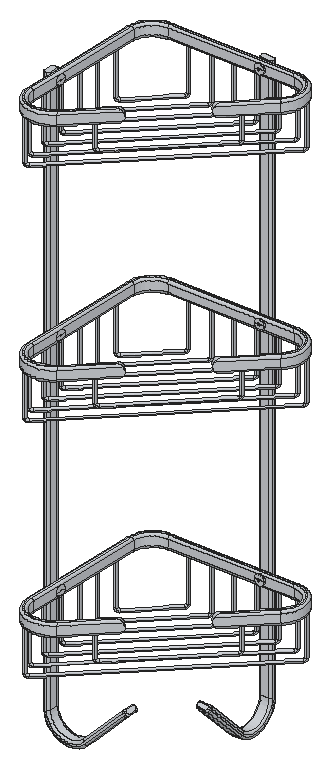
Revit family "Reece_Accessory_Posh_Solus_Shower Basket System_Corner", category Plumbing Fixtures, Revit 2018
Family settings
  Round Connector Dimension = Use Diameter
  Part Type = Normal
  Work Plane-Based = Yes
  Always vertical = Yes
  Cut with Voids When Loaded = Yes
  Shared = Yes
  Room Calculation Point = Yes
Parameters (values of type "Chrome")
  URL = "https://www.reece.com.au/product/-2260174"
  Type Comments = "Accessory"
  Reece_Product_Web Page = "https://www.reece.com.au/product/-2260174"
  Reece_Product_Type = "Accessory"  # constant formula
  Reece_Product_Sub Brand = "Solus"  # constant formula
  Reece_Product_Number = "2260174"
  Reece_Product_Mount = "Wall Mounted"
  Reece_Product_Description = "Posh Solus Corner Basket System Chrome"
  Reece_Product_Brand = "Posh"  # constant formula
  Reece_Overall_Width = 177 mm  # constant formula
  Reece_Overall_Length = 177 mm  # constant formula
  Reece_Overall_Height = 600 mm  # constant formula
  Reece_Material_Main = Reece_Brass_Chrome
  Reece_Height_From_Level [instance] = 1000 mm
  Reece_Detail_Installation = "Wall Mounted"  # constant formula
  Reece_Detail_Disclaimer = "THIS FILE IS THE PROPERTY OF THE REECE GROUP. IT MAY NOT BE REPRODUCED, REVERSE-ENGINEERED OR MODIFIED. ANY REPUBLICATION, TRANSMISSION OR DISTRIBUTION FOR THE PURPOSE OF COMMERCIALLY EXPLOITING THE FILES IS PROHIBITED."  # constant formula
  Reece_Detail_Additional = "Shower Basket System"  # constant formula
  Model = "Solus"
  Manufacturer = "Posh"
  Keynote = "Product #2260174, Reece_Accessory_Posh_Solus_Shower Basket System_Corner - Chrome"
  Disclaimer = "THIS FILE IS THE PROPERTY OF THE REECE GROUP. IT MAY NOT BE REPRODUCED, REVERSE-ENGINEERED OR MODIFIED. ANY REPUBLICATION, TRANSMISSION OR DISTRIBUTION FOR THE PURPOSE OF COMMERCIALLY EXPLOITING THE FILES IS PROHIBITED."  # constant formula
  Description = "Posh Solus Corner Basket System Chrome"
  Default Elevation = 0 mm
Types (2, lengths in mm): name | Keynote
  (no name) | "Product #2260174, Reece_Accessory_Posh_Solus_Shower Basket System_Corner -  "
  Chrome | "Product #2260174, Reece_Accessory_Posh_Solus_Shower Basket System_Corner - Chrome"
Reference planes
  plane 1 "Center (Front/Back)": y = 0
  plane 2 "Bottom Host Plane": z = -5
  plane 3 "Center (Left/Right)": x = 0
  plane 4 "Height From Floor": z = 1000
  plane 5: z = 1006.352
  plane 6: z = 406.352
  plane 7: x = 177
  plane 8: y = -177
  plane 9: z = 776.352
  plane 10: z = 546.352
Lines and regions (mm)
  model lines, style "InvisibleLines"
    curve 1: line (0, 0, -5) -> (0, 0, 1000)
Text (mm)
  text "Reece ©" at (2668.853, -2395.367, 2952.593), in view "Reece Preview"
  text "Reece Copyright © 2018, Reece Ltd." at (-247.475, -190.626, 0), in view "Ref. Level"
Dimensions and locks
  plane 2 "Bottom Host Plane" to level = 5 mm
  locked: level to plane 2 "Bottom Host Plane" at 5
  "Reece_Height_From_Level": plane 4 "Height From Floor" to level
  "Reece_Overall_Width": plane 8 to plane 1 "Center (Front/Back)"
  "Reece_Overall_Height": plane 5 to plane 6
  locked: plane 5 to plane 4 "Height From Floor" at 6.352
  "Reece_Overall_Length": plane 3 "Center (Left/Right)" to plane 7
  plane 5 to plane 9 to plane 10 = 230 mm, 230 mm
  aligned and locked: plane 2 "Bottom Host Plane" to curve 1
  aligned and locked: plane 4 "Height From Floor" to curve 1
  aligned and locked: plane 5 to nested 1
Automatic sketch dimensions
  curve 1 to plane 3 "Center (Left/Right)" = 0 mm
Nested families
  nested 1: "Reece_Accessory_Posh_Solus_Shower Basket System_Corner_Nested" at (88.5, 0, 406.352), Reece_Material_Main <- "Reece_Material_Main", type "Chrome"
    with Reece_Material_Main Reece_Brass_Chrome
Definition of nested family "Reece_Accessory_Posh_Solus_Shower Basket System_Corner_Nested"
  Parameters (values of type "Chrome")
    Reece_Overall_Width = 177 mm  # constant formula
    Reece_Overall_Length = 177 mm  # constant formula
    Reece_Overall_Height = 600 mm  # constant formula
    Reece_Material_Main [instance] = none
    Default Elevation = 0 mm
  Reference planes
    plane 1 "Center (Front/Back)": y = 0
    plane 2 "Bottom Host Plane": z = 0
    plane 3 "Center (Left/Right)": x = 0
    plane 4 "Height From Floor": z = 593.648
    plane 5: z = 600
    plane 6: z = 540
    plane 7: x = 88.5
    plane 8: x = -88.5
    plane 9: through (-42.151, -167.851, 1200) normal (-0.7071, 0.7071, 0)
    plane 10: y = -177
    plane 11: through (-88.5, 0, 1200) normal (0.7071, 0.7071, 0)
    plane 12: y = -117.893
    plane 13: z = 0
  Forms (mm)
    Sweep 1, solid, material <- "Reece_Material_Main"
      path origin (-68.186, -31.274, 593.648) x (-0.707107, -0.707107, 0) y (0.707107, -0.707107, 0)
        loop
          line (-41.32, 114.984) -> (-96.443, 114.984)
          arc (-96.443, 114.984) -> (-120.463, 98.934) -> (-114.827, 70.599) r 26
          line (-114.827, 70.599) -> (-25.781, -18.447)
          arc (-25.781, -18.447) -> (-7.75, -25.916) -> (10.281, -18.447) r 25.5
          line (10.281, -18.447) -> (99.328, 70.599)
          arc (99.328, 70.599) -> (104.964, 98.934) -> (80.943, 114.984) r 26
          line (80.943, 114.984) -> (25.82, 114.984)
      profile origin (61.827, -63.874, 593.648) x (-0.707107, 0.707107, 0) y (0, 0, 1)
        loop
          line (2, -6.148) -> (4, -6.148)
          arc (4, -6.148) -> (5.414, -5.563) -> (6, -4.148) r 2
          line (6, -4.148) -> (6, 4.352)
          arc (6, 4.352) -> (5.414, 5.766) -> (4, 6.352) r 2
          line (4, 6.352) -> (2, 6.352)
          arc (2, 6.352) -> (0.586, 5.766) -> (0, 4.352) r 2
          line (0, 4.352) -> (0, -4.148)
          arc (0, -4.148) -> (0.586, -5.563) -> (2, -6.148) r 2
    Sweep 2, solid, material <- "Reece_Material_Main"
      path origin (-53.263, -57.62, -402.927) x (-0.707107, -0.707107, 0) y (0, 0, 1)
        loop
          line (-76.677, 1000) -> (-76.677, 947.419)
          arc (-76.677, 947.419) -> (-75.808, 945.321) -> (-73.71, 944.452) r 2.967
          line (-73.71, 944.452) -> (42.055, 944.452)
          arc (42.055, 944.452) -> (44.154, 945.321) -> (45.023, 947.419) r 2.967
          line (45.023, 947.419) -> (45.023, 1000)
      profile origin (0.956, -3.401, 570.782) x (-0.707107, 0.707107, 0) y (-0.707107, -0.707107, 0)
        loop
          circle (1.5, 0) r 1.5
    Sweep 3, solid, material <- "Reece_Material_Main"
      path origin (-30.436, -57.465, -402.927) x (-0.707107, -0.707107, 0) y (0, 0, 1)
        loop
          line (-76.677, 1000) -> (-76.677, 947.419)
          arc (-76.677, 947.419) -> (-75.808, 945.321) -> (-73.71, 944.452) r 2.967
          line (-73.71, 944.452) -> (74.555, 944.452)
          arc (74.555, 944.452) -> (76.654, 945.321) -> (77.523, 947.419) r 2.967
          line (77.523, 947.419) -> (77.523, 1000)
      profile origin (23.782, -3.247, 570.782) x (-0.707107, 0.707107, 0) y (-0.707107, -0.707107, 0)
        loop
          circle (1.5, 0) r 1.5
    Sweep 4, solid, material <- "Reece_Material_Main"
      path origin (-8.005, -57.705, -402.927) x (-0.707107, -0.707107, 0) y (0, 0, 1)
        loop
          line (-76.677, 1000) -> (-76.677, 947.419)
          arc (-76.677, 947.419) -> (-75.808, 945.321) -> (-73.71, 944.452) r 2.967
          line (-73.71, 944.452) -> (105.939, 944.452)
          arc (105.939, 944.452) -> (108.038, 945.321) -> (108.907, 947.419) r 2.967
          line (108.907, 947.419) -> (108.907, 1000)
      profile origin (46.214, -3.486, 570.782) x (-0.707107, 0.707107, 0) y (-0.707107, -0.707107, 0)
        loop
          circle (1.5, 0) r 1.5
    Sweep 5, solid, material <- "Reece_Material_Main"
      path origin (13.11, -59.262, -402.927) x (-0.707107, -0.707107, 0) y (0, 0, 1)
        loop
          line (-76.177, 1000) -> (-76.177, 947.419)
          arc (-76.177, 947.419) -> (-75.308, 945.321) -> (-73.21, 944.452) r 2.967
          line (-73.21, 944.452) -> (133.098, 944.452)
          arc (133.098, 944.452) -> (135.196, 945.321) -> (136.066, 947.419) r 2.967
          line (136.066, 947.419) -> (136.066, 1000)
      profile origin (66.975, -5.397, 570.782) x (-0.707107, 0.707107, 0) y (-0.707107, -0.707107, 0)
        loop
          circle (1.5, 0) r 1.5
    Sweep 6, solid, material <- "Reece_Material_Main"
      path origin (2.245, -92.799, -402.927) x (-0.707107, -0.707107, 0) y (0, 0, 1)
        loop
          line (-112.677, 1000) -> (-112.677, 947.419)
          arc (-112.677, 947.419) -> (-111.808, 945.321) -> (-109.71, 944.452) r 2.967
          line (-109.71, 944.452) -> (106.805, 944.452)
          arc (106.805, 944.452) -> (108.904, 945.321) -> (109.773, 947.419) r 2.967
          line (109.773, 947.419) -> (109.773, 1000)
      profile origin (81.92, -13.124, 570.782) x (-0.707107, 0.707107, 0) y (-0.707107, -0.707107, 0)
        loop
          circle (1.5, 0) r 1.5
    Sweep 7, solid, material <- "Reece_Material_Main"
      path origin (-75.265, -57.068, -402.927) x (-0.707107, -0.707107, 0) y (0, 0, 1)
        loop
          line (-76.177, 1000) -> (-76.177, 947.419)
          arc (-76.177, 947.419) -> (-75.308, 945.321) -> (-73.21, 944.452) r 2.967
          line (-73.21, 944.452) -> (11.22, 944.452)
          arc (11.22, 944.452) -> (13.318, 945.321) -> (14.188, 947.419) r 2.967
          line (14.188, 947.419) -> (14.188, 1000)
      profile origin (-21.4, -3.202, 570.782) x (-0.707107, 0.707107, 0) y (-0.707107, -0.707107, 0)
        loop
          circle (1.5, 0) r 1.5
    Sweep 8, solid, material <- "Reece_Material_Main"
      path origin (8.013, -115.361, -406.628) x (-0.707107, -0.707107, 0) y (0, 0, 1)
        loop
          line (-71.398, 1003.7) -> (-71.398, 972.095)
          arc (-71.398, 972.095) -> (-70.529, 969.997) -> (-68.431, 969.128) r 2.967
          line (-68.431, 969.128) -> (41.673, 969.128)
          arc (41.673, 969.128) -> (43.83, 970.021) -> (44.723, 972.178) r 3.05
          line (44.723, 972.178) -> (44.723, 1003.7)
      profile origin (58.499, -64.874, 581.27) x (-0.707107, 0.707107, 0) y (-0.707107, -0.707107, 0)
        loop
          circle (1.5, 0) r 1.5
    Sweep 9, solid, material <- "Reece_Material_Main"
      path origin (-97.571, -56.859, -402.927) x (-0.707107, -0.707107, 0) y (0, 0, 1)
        loop
          line (-75.177, 1000) -> (-75.177, 947.419)
          arc (-75.177, 947.419) -> (-74.308, 945.321) -> (-72.21, 944.452) r 2.967
          line (-72.21, 944.452) -> (-21.03, 944.452)
          arc (-21.03, 944.452) -> (-18.932, 945.321) -> (-18.062, 947.419) r 2.967
          line (-18.062, 947.419) -> (-18.062, 1000)
      profile origin (-44.413, -3.701, 570.782) x (-0.707107, 0.707107, 0) y (-0.707107, -0.707107, 0)
        loop
          circle (1.5, 0) r 1.5
    Revolve 10, solid, material <- "Reece_Material_Main"
      sketch origin (-85.85, -95.393, 593.648) x (0, -1, 0) y (1, 0, 0)
        loop
          line (22.5, 3.654) -> (22.5, 0) -> (27.5, 0) -> (27.5, 4.357) -> (23.976, 4.357) -> (23.976, 3.551) -> (22.5, 3.551)
        axis (22.5, 0) -> (22.5, 4.357)
      angle from 0 to 360
    Sweep 11, solid, material <- "Reece_Material_Main"
      path origin (-68.186, -31.274, 363.648) x (-0.707107, -0.707107, 0) y (0.707107, -0.707107, 0)
        loop
          line (-41.32, 114.984) -> (-96.443, 114.984)
          arc (-96.443, 114.984) -> (-120.463, 98.934) -> (-114.827, 70.599) r 26
          line (-114.827, 70.599) -> (-25.781, -18.447)
          arc (-25.781, -18.447) -> (-7.75, -25.916) -> (10.281, -18.447) r 25.5
          line (10.281, -18.447) -> (99.328, 70.599)
          arc (99.328, 70.599) -> (104.964, 98.934) -> (80.943, 114.984) r 26
          line (80.943, 114.984) -> (25.82, 114.984)
      profile origin (61.827, -63.874, 363.648) x (-0.707107, 0.707107, 0) y (0, 0, 1)
        loop
          line (2, -6.148) -> (4, -6.148)
          arc (4, -6.148) -> (5.414, -5.563) -> (6, -4.148) r 2
          line (6, -4.148) -> (6, 4.352)
          arc (6, 4.352) -> (5.414, 5.766) -> (4, 6.352) r 2
          line (4, 6.352) -> (2, 6.352)
          arc (2, 6.352) -> (0.586, 5.766) -> (0, 4.352) r 2
          line (0, 4.352) -> (0, -4.148)
          arc (0, -4.148) -> (0.586, -5.563) -> (2, -6.148) r 2
    Sweep 12, solid, material <- "Reece_Material_Main"
      path origin (-53.263, -57.62, -632.927) x (-0.707107, -0.707107, 0) y (0, 0, 1)
        loop
          line (-76.677, 1000) -> (-76.677, 947.419)
          arc (-76.677, 947.419) -> (-75.808, 945.321) -> (-73.71, 944.452) r 2.967
          line (-73.71, 944.452) -> (42.055, 944.452)
          arc (42.055, 944.452) -> (44.154, 945.321) -> (45.023, 947.419) r 2.967
          line (45.023, 947.419) -> (45.023, 1000)
      profile origin (0.956, -3.401, 340.782) x (-0.707107, 0.707107, 0) y (-0.707107, -0.707107, 0)
        loop
          circle (1.5, 0) r 1.5
    Sweep 13, solid, material <- "Reece_Material_Main"
      path origin (-30.436, -57.465, -632.927) x (-0.707107, -0.707107, 0) y (0, 0, 1)
        loop
          line (-76.677, 1000) -> (-76.677, 947.419)
          arc (-76.677, 947.419) -> (-75.808, 945.321) -> (-73.71, 944.452) r 2.967
          line (-73.71, 944.452) -> (74.555, 944.452)
          arc (74.555, 944.452) -> (76.654, 945.321) -> (77.523, 947.419) r 2.967
          line (77.523, 947.419) -> (77.523, 1000)
      profile origin (23.782, -3.247, 340.782) x (-0.707107, 0.707107, 0) y (-0.707107, -0.707107, 0)
        loop
          circle (1.5, 0) r 1.5
    Sweep 14, solid, material <- "Reece_Material_Main"
      path origin (-8.005, -57.705, -632.927) x (-0.707107, -0.707107, 0) y (0, 0, 1)
        loop
          line (-76.677, 1000) -> (-76.677, 947.419)
          arc (-76.677, 947.419) -> (-75.808, 945.321) -> (-73.71, 944.452) r 2.967
          line (-73.71, 944.452) -> (105.939, 944.452)
          arc (105.939, 944.452) -> (108.038, 945.321) -> (108.907, 947.419) r 2.967
          line (108.907, 947.419) -> (108.907, 1000)
      profile origin (46.214, -3.486, 340.782) x (-0.707107, 0.707107, 0) y (-0.707107, -0.707107, 0)
        loop
          circle (1.5, 0) r 1.5
    Sweep 15, solid, material <- "Reece_Material_Main"
      path origin (13.11, -59.262, -632.927) x (-0.707107, -0.707107, 0) y (0, 0, 1)
        loop
          line (-76.177, 1000) -> (-76.177, 947.419)
          arc (-76.177, 947.419) -> (-75.308, 945.321) -> (-73.21, 944.452) r 2.967
          line (-73.21, 944.452) -> (133.098, 944.452)
          arc (133.098, 944.452) -> (135.196, 945.321) -> (136.066, 947.419) r 2.967
          line (136.066, 947.419) -> (136.066, 1000)
      profile origin (66.975, -5.397, 340.782) x (-0.707107, 0.707107, 0) y (-0.707107, -0.707107, 0)
        loop
          circle (1.5, 0) r 1.5
    Sweep 16, solid, material <- "Reece_Material_Main"
      path origin (2.245, -92.799, -632.927) x (-0.707107, -0.707107, 0) y (0, 0, 1)
        loop
          line (-112.677, 1000) -> (-112.677, 947.419)
          arc (-112.677, 947.419) -> (-111.808, 945.321) -> (-109.71, 944.452) r 2.967
          line (-109.71, 944.452) -> (106.805, 944.452)
          arc (106.805, 944.452) -> (108.904, 945.321) -> (109.773, 947.419) r 2.967
          line (109.773, 947.419) -> (109.773, 1000)
      profile origin (81.92, -13.124, 340.782) x (-0.707107, 0.707107, 0) y (-0.707107, -0.707107, 0)
        loop
          circle (1.5, 0) r 1.5
    Sweep 17, solid, material <- "Reece_Material_Main"
      path origin (-75.265, -57.068, -632.927) x (-0.707107, -0.707107, 0) y (0, 0, 1)
        loop
          line (-76.177, 1000) -> (-76.177, 947.419)
          arc (-76.177, 947.419) -> (-75.308, 945.321) -> (-73.21, 944.452) r 2.967
          line (-73.21, 944.452) -> (11.22, 944.452)
          arc (11.22, 944.452) -> (13.318, 945.321) -> (14.188, 947.419) r 2.967
          line (14.188, 947.419) -> (14.188, 1000)
      profile origin (-21.4, -3.202, 340.782) x (-0.707107, 0.707107, 0) y (-0.707107, -0.707107, 0)
        loop
          circle (1.5, 0) r 1.5
    Sweep 18, solid, material <- "Reece_Material_Main"
      path origin (8.013, -115.361, -636.628) x (-0.707107, -0.707107, 0) y (0, 0, 1)
        loop
          line (-71.398, 1003.7) -> (-71.398, 972.095)
          arc (-71.398, 972.095) -> (-70.529, 969.997) -> (-68.431, 969.128) r 2.967
          line (-68.431, 969.128) -> (41.673, 969.128)
          arc (41.673, 969.128) -> (43.83, 970.021) -> (44.723, 972.178) r 3.05
          line (44.723, 972.178) -> (44.723, 1003.7)
      profile origin (58.499, -64.874, 351.27) x (-0.707107, 0.707107, 0) y (-0.707107, -0.707107, 0)
        loop
          circle (1.5, 0) r 1.5
    Sweep 19, solid, material <- "Reece_Material_Main"
      path origin (-97.571, -56.859, -632.927) x (-0.707107, -0.707107, 0) y (0, 0, 1)
        loop
          line (-75.177, 1000) -> (-75.177, 947.419)
          arc (-75.177, 947.419) -> (-74.308, 945.321) -> (-72.21, 944.452) r 2.967
          line (-72.21, 944.452) -> (-21.03, 944.452)
          arc (-21.03, 944.452) -> (-18.932, 945.321) -> (-18.062, 947.419) r 2.967
          line (-18.062, 947.419) -> (-18.062, 1000)
      profile origin (-44.413, -3.701, 340.782) x (-0.707107, 0.707107, 0) y (-0.707107, -0.707107, 0)
        loop
          circle (1.5, 0) r 1.5
    Sweep 20, solid, material <- "Reece_Material_Main"
      path origin (-68.186, -31.274, 133.648) x (-0.707107, -0.707107, 0) y (0.707107, -0.707107, 0)
        loop
          line (-41.32, 114.984) -> (-96.443, 114.984)
          arc (-96.443, 114.984) -> (-120.463, 98.934) -> (-114.827, 70.599) r 26
          line (-114.827, 70.599) -> (-25.781, -18.447)
          arc (-25.781, -18.447) -> (-7.75, -25.916) -> (10.281, -18.447) r 25.5
          line (10.281, -18.447) -> (99.328, 70.599)
          arc (99.328, 70.599) -> (104.964, 98.934) -> (80.943, 114.984) r 26
          line (80.943, 114.984) -> (25.82, 114.984)
      profile origin (61.827, -63.874, 133.648) x (-0.707107, 0.707107, 0) y (0, 0, 1)
        loop
          line (2, -6.148) -> (4, -6.148)
          arc (4, -6.148) -> (5.414, -5.563) -> (6, -4.148) r 2
          line (6, -4.148) -> (6, 4.352)
          arc (6, 4.352) -> (5.414, 5.766) -> (4, 6.352) r 2
          line (4, 6.352) -> (2, 6.352)
          arc (2, 6.352) -> (0.586, 5.766) -> (0, 4.352) r 2
          line (0, 4.352) -> (0, -4.148)
          arc (0, -4.148) -> (0.586, -5.563) -> (2, -6.148) r 2
    Sweep 21, solid, material <- "Reece_Material_Main"
      path origin (-53.263, -57.62, -862.927) x (-0.707107, -0.707107, 0) y (0, 0, 1)
        loop
          line (-76.677, 1000) -> (-76.677, 947.419)
          arc (-76.677, 947.419) -> (-75.808, 945.321) -> (-73.71, 944.452) r 2.967
          line (-73.71, 944.452) -> (42.055, 944.452)
          arc (42.055, 944.452) -> (44.154, 945.321) -> (45.023, 947.419) r 2.967
          line (45.023, 947.419) -> (45.023, 1000)
      profile origin (0.956, -3.401, 110.782) x (-0.707107, 0.707107, 0) y (-0.707107, -0.707107, 0)
        loop
          circle (1.5, 0) r 1.5
    Sweep 22, solid, material <- "Reece_Material_Main"
      path origin (-30.436, -57.465, -862.927) x (-0.707107, -0.707107, 0) y (0, 0, 1)
        loop
          line (-76.677, 1000) -> (-76.677, 947.419)
          arc (-76.677, 947.419) -> (-75.808, 945.321) -> (-73.71, 944.452) r 2.967
          line (-73.71, 944.452) -> (74.555, 944.452)
          arc (74.555, 944.452) -> (76.654, 945.321) -> (77.523, 947.419) r 2.967
          line (77.523, 947.419) -> (77.523, 1000)
      profile origin (23.782, -3.247, 110.782) x (-0.707107, 0.707107, 0) y (-0.707107, -0.707107, 0)
        loop
          circle (1.5, 0) r 1.5
    Sweep 23, solid, material <- "Reece_Material_Main"
      path origin (-8.005, -57.705, -862.927) x (-0.707107, -0.707107, 0) y (0, 0, 1)
        loop
          line (-76.677, 1000) -> (-76.677, 947.419)
          arc (-76.677, 947.419) -> (-75.808, 945.321) -> (-73.71, 944.452) r 2.967
          line (-73.71, 944.452) -> (105.939, 944.452)
          arc (105.939, 944.452) -> (108.038, 945.321) -> (108.907, 947.419) r 2.967
          line (108.907, 947.419) -> (108.907, 1000)
      profile origin (46.214, -3.486, 110.782) x (-0.707107, 0.707107, 0) y (-0.707107, -0.707107, 0)
        loop
          circle (1.5, 0) r 1.5
    Sweep 24, solid, material <- "Reece_Material_Main"
      path origin (13.11, -59.262, -862.927) x (-0.707107, -0.707107, 0) y (0, 0, 1)
        loop
          line (-76.177, 1000) -> (-76.177, 947.419)
          arc (-76.177, 947.419) -> (-75.308, 945.321) -> (-73.21, 944.452) r 2.967
          line (-73.21, 944.452) -> (133.098, 944.452)
          arc (133.098, 944.452) -> (135.196, 945.321) -> (136.066, 947.419) r 2.967
          line (136.066, 947.419) -> (136.066, 1000)
      profile origin (66.975, -5.397, 110.782) x (-0.707107, 0.707107, 0) y (-0.707107, -0.707107, 0)
        loop
          circle (1.5, 0) r 1.5
    Sweep 25, solid, material <- "Reece_Material_Main"
      path origin (2.245, -92.799, -862.927) x (-0.707107, -0.707107, 0) y (0, 0, 1)
        loop
          line (-112.677, 1000) -> (-112.677, 947.419)
          arc (-112.677, 947.419) -> (-111.808, 945.321) -> (-109.71, 944.452) r 2.967
          line (-109.71, 944.452) -> (106.805, 944.452)
          arc (106.805, 944.452) -> (108.904, 945.321) -> (109.773, 947.419) r 2.967
          line (109.773, 947.419) -> (109.773, 1000)
      profile origin (81.92, -13.124, 110.782) x (-0.707107, 0.707107, 0) y (-0.707107, -0.707107, 0)
        loop
          circle (1.5, 0) r 1.5
    Sweep 26, solid, material <- "Reece_Material_Main"
      path origin (-75.265, -57.068, -862.927) x (-0.707107, -0.707107, 0) y (0, 0, 1)
        loop
          line (-76.177, 1000) -> (-76.177, 947.419)
          arc (-76.177, 947.419) -> (-75.308, 945.321) -> (-73.21, 944.452) r 2.967
          line (-73.21, 944.452) -> (11.22, 944.452)
          arc (11.22, 944.452) -> (13.318, 945.321) -> (14.188, 947.419) r 2.967
          line (14.188, 947.419) -> (14.188, 1000)
      profile origin (-21.4, -3.202, 110.782) x (-0.707107, 0.707107, 0) y (-0.707107, -0.707107, 0)
        loop
          circle (1.5, 0) r 1.5
    Sweep 27, solid, material <- "Reece_Material_Main"
      path origin (8.013, -115.361, -866.628) x (-0.707107, -0.707107, 0) y (0, 0, 1)
        loop
          line (-71.398, 1003.7) -> (-71.398, 972.095)
          arc (-71.398, 972.095) -> (-70.529, 969.997) -> (-68.431, 969.128) r 2.967
          line (-68.431, 969.128) -> (41.673, 969.128)
          arc (41.673, 969.128) -> (43.83, 970.021) -> (44.723, 972.178) r 3.05
          line (44.723, 972.178) -> (44.723, 1003.7)
      profile origin (58.499, -64.874, 121.27) x (-0.707107, 0.707107, 0) y (-0.707107, -0.707107, 0)
        loop
          circle (1.5, 0) r 1.5
    Sweep 28, solid, material <- "Reece_Material_Main"
      path origin (-97.571, -56.859, -862.927) x (-0.707107, -0.707107, 0) y (0, 0, 1)
        loop
          line (-75.177, 1000) -> (-75.177, 947.419)
          arc (-75.177, 947.419) -> (-74.308, 945.321) -> (-72.21, 944.452) r 2.967
          line (-72.21, 944.452) -> (-21.03, 944.452)
          arc (-21.03, 944.452) -> (-18.932, 945.321) -> (-18.062, 947.419) r 2.967
          line (-18.062, 947.419) -> (-18.062, 1000)
      profile origin (-44.413, -3.701, 110.782) x (-0.707107, 0.707107, 0) y (-0.707107, -0.707107, 0)
        loop
          circle (1.5, 0) r 1.5
    Sweep 29, solid, material <- "Reece_Material_Main"
      path origin (-63.226, -117.995, 157.174) x (0.707107, 0, 0.707107) y (0.707107, 0, -0.707107)
        loop
          line (-41.32, 114.984) -> (-96.443, 114.984)
          arc (-96.443, 114.984) -> (-120.463, 98.934) -> (-114.827, 70.599) r 26
          line (-114.827, 70.599) -> (291.011, -335.239)
      profile origin (-30.626, -117.995, 27.162) x (-0.707107, 0, 0.707107) y (0, 1, 0)
        loop
          line (2, -6.148) -> (4, -6.148)
          arc (4, -6.148) -> (5.414, -5.563) -> (6, -4.148) r 2
          line (6, -4.148) -> (6, 4.352)
          arc (6, 4.352) -> (5.414, 5.766) -> (4, 6.352) r 2
          line (4, 6.352) -> (2, 6.352)
          arc (2, 6.352) -> (0.586, 5.766) -> (0, 4.352) r 2
          line (0, 4.352) -> (0, -4.148)
          arc (0, -4.148) -> (0.586, -5.563) -> (2, -6.148) r 2
    Sweep 30, solid, material <- "Reece_Material_Main"
      path in 3D
        loop
          arc (-11.138, -122.143, 46.651) -> (-11.552, -123.557, 47.065) -> (-12.552, -124.143, 48.065) r 2
          line (-12.552, -124.143, 48.065) -> (-13.966, -124.143, 49.479)
          arc (-13.966, -124.143, 49.479) -> (-14.966, -123.557, 50.479) -> (-15.38, -122.143, 50.893) r 2
          line (-15.38, -122.143, 50.893) -> (-15.38, -113.643, 50.893)
          arc (-15.38, -113.643, 50.893) -> (-14.966, -112.229, 50.479) -> (-13.966, -111.643, 49.479) r 2
          line (-13.966, -111.643, 49.479) -> (-12.552, -111.643, 48.065)
          arc (-12.552, -111.643, 48.065) -> (-11.552, -112.229, 47.065) -> (-11.138, -113.643, 46.651) r 2
          line (-11.138, -113.643, 46.651) -> (-11.138, -122.143, 46.651)
      profile origin (-11.138, -117.893, 46.651) x (1, 0, 0) y (0, 0, 1)
        loop
          line (0.005, -0.005) -> (1.769, 1.759)
          arc (1.769, 1.759) -> (2.006, 2.331) -> (1.769, 2.903) r 0.809
          line (1.769, 2.903) -> (1.21, 3.462) -> (-1.126, 1.126) -> (0.005, -0.005)
    Extrusion 31, solid, material <- "Reece_Material_Main"
      sketch origin (-51.675, -1117.995, 133.392) x (-0.707107, 0, 0.707107) y (0, -1, 0)
        loop
          line (-85.592, -995.444) -> (-88.408, -995.444) -> (-88.408, -1004.759) -> (-85.592, -1004.759) -> (-85.592, -995.444)
      from -32.671 to -29.367
    Sweep 32, solid, material <- "Reece_Material_Main"
      path origin (29.495, -25.274, 157.174) x (0, -0.707107, 0.707107) y (0, 0.707107, 0.707107)
        loop
          line (-41.32, -114.984) -> (-96.443, -114.984)
          arc (-96.443, -114.984) -> (-120.463, -98.934) -> (-114.827, -70.599) r 26
          line (-114.827, -70.599) -> (291.011, 335.239)
      profile origin (29.495, -57.874, 27.162) x (0, -0.707107, -0.707107) y (-1, 0, 0)
        loop
          arc (-2, -6.148) -> (-0.586, -5.563) -> (0, -4.148) r 2
          line (0, -4.148) -> (0, 4.352)
          arc (0, 4.352) -> (-0.586, 5.766) -> (-2, 6.352) r 2
          line (-2, 6.352) -> (-4, 6.352)
          arc (-4, 6.352) -> (-5.414, 5.766) -> (-6, 4.352) r 2
          line (-6, 4.352) -> (-6, -4.148)
          arc (-6, -4.148) -> (-5.414, -5.563) -> (-4, -6.148) r 2
          line (-4, -6.148) -> (-2, -6.148)
    Sweep 33, solid, material <- "Reece_Material_Main"
      path in 3D
        loop
          arc (33.643, -77.362, 46.651) -> (35.057, -76.948, 47.065) -> (35.643, -75.948, 48.065) r 2
          line (35.643, -75.948, 48.065) -> (35.643, -74.534, 49.479)
          arc (35.643, -74.534, 49.479) -> (35.057, -73.534, 50.479) -> (33.643, -73.12, 50.893) r 2
          line (33.643, -73.12, 50.893) -> (25.143, -73.12, 50.893)
          arc (25.143, -73.12, 50.893) -> (23.729, -73.534, 50.479) -> (23.143, -74.534, 49.479) r 2
          line (23.143, -74.534, 49.479) -> (23.143, -75.948, 48.065)
          arc (23.143, -75.948, 48.065) -> (23.729, -76.948, 47.065) -> (25.143, -77.362, 46.651) r 2
          line (25.143, -77.362, 46.651) -> (33.643, -77.362, 46.651)
      profile origin (29.393, -77.362, 46.651) x (0, 1, 0) y (0, 0, 1)
        loop
          line (-0.005, -0.005) -> (1.126, 1.126) -> (-1.21, 3.462) -> (-1.769, 2.903)
          arc (-1.769, 2.903) -> (-2.006, 2.331) -> (-1.769, 1.759) r 0.809
          line (-1.769, 1.759) -> (-0.005, -0.005)
    Extrusion 34, solid, material <- "Reece_Material_Main"
      sketch origin (1029.495, -36.825, 133.392) x (0, 0.707107, 0.707107) y (-1, 0, 0)
        loop
          line (-85.592, 995.444) -> (-85.592, 1004.759) -> (-88.408, 1004.759) -> (-88.408, 995.444) -> (-85.592, 995.444)
      from -32.671 to -29.367
    Revolve 35, solid, material <- "Reece_Material_Main"
      sketch origin (6.893, -2.65, 593.648) x (1, 0, 0) y (0, 1, 0)
        loop
          line (22.5, -3.654) -> (22.5, 0) -> (27.5, 0) -> (27.5, -4.357) -> (23.976, -4.357) -> (23.976, -3.551) -> (22.5, -3.551)
        axis (22.5, 0) -> (22.5, -4.357)
      angle from 0 to 360
    Revolve 36, solid, material <- "Reece_Material_Main"
      sketch origin (-85.85, -95.393, 363.648) x (0, -1, 0) y (1, 0, 0)
        loop
          line (22.5, 3.654) -> (22.5, 0) -> (27.5, 0) -> (27.5, 4.357) -> (23.976, 4.357) -> (23.976, 3.551) -> (22.5, 3.551)
        axis (22.5, 0) -> (22.5, 4.357)
      angle from 0 to 360
    Revolve 37, solid, material <- "Reece_Material_Main"
      sketch origin (6.893, -2.65, 363.648) x (1, 0, 0) y (0, 1, 0)
        loop
          line (22.5, -3.654) -> (22.5, 0) -> (27.5, 0) -> (27.5, -4.357) -> (23.976, -4.357) -> (23.976, -3.551) -> (22.5, -3.551)
        axis (22.5, 0) -> (22.5, -4.357)
      angle from 0 to 360
    Revolve 38, solid, material <- "Reece_Material_Main"
      sketch origin (-85.85, -95.393, 133.648) x (0, -1, 0) y (1, 0, 0)
        loop
          line (22.5, 3.654) -> (22.5, 0) -> (27.5, 0) -> (27.5, 4.357) -> (23.976, 4.357) -> (23.976, 3.551) -> (22.5, 3.551)
        axis (22.5, 0) -> (22.5, 4.357)
      angle from 0 to 360
    Revolve 39, solid, material <- "Reece_Material_Main"
      sketch origin (6.893, -2.65, 133.648) x (1, 0, 0) y (0, 1, 0)
        loop
          line (22.5, -3.654) -> (22.5, 0) -> (27.5, 0) -> (27.5, -4.357) -> (23.976, -4.357) -> (23.976, -3.551) -> (22.5, -3.551)
        axis (22.5, 0) -> (22.5, -4.357)
      angle from 0 to 360
    Extrusion 40, void
      sketch origin (-42.151, -167.851, 1200) x (-0.707107, -0.707107, 0) y (0, 0, 1)
        loop
          line (-44.844, -600) -> (-44.844, -597) -> (-126.985, -597) -> (-126.985, -600)
          arc (-126.985, -600) -> (-120.735, -606.25) -> (-126.985, -612.5) r 6.25
          line (-126.985, -612.5) -> (-126.985, -615.5) -> (-44.844, -615.5) -> (-44.844, -612.5)
          arc (-44.844, -612.5) -> (-51.094, -606.25) -> (-44.844, -600) r 6.25
        loop
          line (-44.844, -830) -> (-44.844, -827) -> (-126.985, -827) -> (-126.985, -830)
          arc (-126.985, -830) -> (-120.735, -836.25) -> (-126.985, -842.5) r 6.25
          line (-126.985, -842.5) -> (-126.985, -845.5) -> (-44.844, -845.5) -> (-44.844, -842.5)
          arc (-44.844, -842.5) -> (-51.094, -836.25) -> (-44.844, -830) r 6.25
        loop
          line (-44.844, -1060) -> (-44.844, -1057) -> (-126.985, -1057) -> (-126.985, -1060)
          arc (-126.985, -1060) -> (-120.735, -1066.25) -> (-126.985, -1072.5) r 6.25
          line (-126.985, -1072.5) -> (-126.985, -1075.5) -> (-44.844, -1075.5) -> (-44.844, -1072.5)
          arc (-44.844, -1072.5) -> (-51.094, -1066.25) -> (-44.844, -1060) r 6.25
      from -2.376 to 10.466
  Cuts and joins
    Extrusion 40 cuts Sweep 1
    Extrusion 40 cuts Sweep 11
    Extrusion 40 cuts Sweep 20
    joined: Sweep 1, Sweep 2, Sweep 3, Sweep 4, Sweep 5, Sweep 6, Sweep 7, Sweep 8, Sweep 9, Revolve 10, Sweep 11, Sweep 12, Sweep 13, Sweep 14, Sweep 15, Sweep 16, Sweep 17, Sweep 18, Sweep 19, Sweep 20, Sweep 21, Sweep 22, Sweep 23, Sweep 24, Sweep 25, Sweep 26, Sweep 27, Sweep 28, Sweep 29, Sweep 30, Extrusion 31, Sweep 32, Sweep 33, Extrusion 34, Revolve 35, Revolve 36, Revolve 37, Revolve 38, Revolve 39
  Lines and regions (mm)
    sketch lines
      curve 1: line (-11.138, -113.643, 46.651) -> (-11.138, -122.143, 46.651)
      curve 2: arc (-11.138, -113.643, 46.651) -> (-11.552, -112.229, 47.065) -> (-12.552, -111.643, 48.065) r 2
      curve 3: line (-13.966, -111.643, 49.479) -> (-12.552, -111.643, 48.065)
      curve 4: arc (-13.966, -111.643, 49.479) -> (-14.966, -112.229, 50.479) -> (-15.38, -113.643, 50.893) r 2
      curve 5: line (-15.38, -122.143, 50.893) -> (-15.38, -113.643, 50.893)
      curve 6: arc (-15.38, -122.143, 50.893) -> (-14.966, -123.557, 50.479) -> (-13.966, -124.143, 49.479) r 2
      curve 7: line (-12.552, -124.143, 48.065) -> (-13.966, -124.143, 49.479)
      curve 8: arc (-12.552, -124.143, 48.065) -> (-11.552, -123.557, 47.065) -> (-11.138, -122.143, 46.651) r 2
      curve 9: line (25.143, -77.362, 46.651) -> (33.643, -77.362, 46.651)
      curve 10: arc (25.143, -77.362, 46.651) -> (23.729, -76.948, 47.065) -> (23.143, -75.948, 48.065) r 2
      curve 11: line (23.143, -74.534, 49.479) -> (23.143, -75.948, 48.065)
      curve 12: arc (23.143, -74.534, 49.479) -> (23.729, -73.534, 50.479) -> (25.143, -73.12, 50.893) r 2
      curve 13: line (33.643, -73.12, 50.893) -> (25.143, -73.12, 50.893)
      curve 14: arc (33.643, -73.12, 50.893) -> (35.057, -73.534, 50.479) -> (35.643, -74.534, 49.479) r 2
      curve 15: line (35.643, -75.948, 48.065) -> (35.643, -74.534, 49.479)
      curve 16: arc (35.643, -75.948, 48.065) -> (35.057, -76.948, 47.065) -> (33.643, -77.362, 46.651) r 2
  Text (mm)
    text "Reece ©" at (2668.853, -2395.367, 2952.593), in view "Reece Preview"
    text "Reece Copyright © 2018, Reece Ltd." at (-247.475, -190.626, 0), in view "Ref. Level"
  Dimensions and locks
    plane 2 "Bottom Host Plane" to level = 0 mm
    level to plane 2 "Bottom Host Plane" = 0 mm
    equal spacing: plane 8, plane 3 "Center (Left/Right)", plane 7
    "Reece_Overall_Length": plane 8 to plane 7
    plane 10 to plane 1 "Center (Front/Back)" = 177 mm
    plane 13 to plane 5 = 600 mm
    "Reece_Overall_Height": plane 5 to plane 13
    aligned and locked: level to plane 2 "Bottom Host Plane"
  Automatic sketch dimensions
    plane 1 "Center (Front/Back)" to Sweep 1 sketch curve = 0 mm  (x2)
    Sweep 1 sketch curve to plane 9 = 0 mm  (x2)
    Sweep 1 sketch curve to plane 11 = 0 mm
    Sweep 1 sketch curve to plane 8 = 0 mm
    plane 11 to Sweep 1 sketch curve = 18.031 mm
    plane 11 to Sweep 1 sketch curve = 88.693 mm
    plane 9 to Sweep 1 sketch curve = 26 mm
    plane 11 to Sweep 1 sketch curve = 33.57 mm
    Sweep 1 sketch curve to plane 11 = 33.57 mm
    Sweep 1 sketch curve to profile plane = 0 mm
    Sweep 1 sketch curve to profile plane = 2 mm  (x2)
    Sweep 1 sketch curve to Sweep 1 sketch curve = 2 mm  (x3)
    Sweep 1 sketch curve to profile plane = 6.148 mm
    profile plane to Sweep 1 sketch curve = 4.352 mm
    Sweep 2 sketch curve to plane 6 = 4.492 mm  (x2)
    plane 11 to Sweep 2 sketch curve = 60.85 mm
    Sweep 2 sketch curve to Sweep 2 sketch curve = 2.967 mm
    Sweep 2 sketch curve to plane 11 = 57.883 mm
    Sweep 2 sketch curve to Sweep 2 sketch curve = 0 mm
    plane 5 to Sweep 2 sketch curve = 2.927 mm  (x2)
    Sweep 2 sketch curve to profile plane = 0 mm
    profile plane to Sweep 2 sketch curve = 1.5 mm
    Sweep 3 sketch curve to plane 6 = 4.492 mm  (x2)
    plane 11 to Sweep 3 sketch curve = 77.1 mm
    Sweep 3 sketch curve to Sweep 3 sketch curve = 2.967 mm
    Sweep 3 sketch curve to plane 11 = 74.133 mm
    Sweep 3 sketch curve to Sweep 3 sketch curve = 0 mm
    plane 5 to Sweep 3 sketch curve = 2.927 mm  (x2)
    Sweep 3 sketch curve to profile plane = 0 mm
    profile plane to Sweep 3 sketch curve = 1.5 mm
    Sweep 4 sketch curve to plane 6 = 4.492 mm  (x2)
    plane 11 to Sweep 4 sketch curve = 92.792 mm
    Sweep 4 sketch curve to Sweep 4 sketch curve = 2.967 mm
    Sweep 4 sketch curve to plane 11 = 89.825 mm
    Sweep 4 sketch curve to Sweep 4 sketch curve = 0 mm
    plane 5 to Sweep 4 sketch curve = 2.927 mm  (x2)
    Sweep 4 sketch curve to profile plane = 0 mm
    profile plane to Sweep 4 sketch curve = 1.5 mm
    Sweep 5 sketch curve to plane 6 = 4.492 mm  (x2)
    plane 11 to Sweep 5 sketch curve = 106.121 mm
    Sweep 5 sketch curve to Sweep 5 sketch curve = 2.967 mm
    Sweep 5 sketch curve to plane 11 = 103.154 mm
    Sweep 5 sketch curve to Sweep 5 sketch curve = 0 mm
    plane 5 to Sweep 5 sketch curve = 2.927 mm  (x2)
    Sweep 5 sketch curve to profile plane = 0 mm
    profile plane to Sweep 5 sketch curve = 1.5 mm
    Sweep 6 sketch curve to plane 6 = 4.492 mm  (x2)
    plane 11 to Sweep 6 sketch curve = 111.225 mm
    Sweep 6 sketch curve to Sweep 6 sketch curve = 2.967 mm
    Sweep 6 sketch curve to plane 11 = 108.258 mm
    Sweep 6 sketch curve to Sweep 6 sketch curve = 0 mm  (x3)
    plane 5 to Sweep 6 sketch curve = 2.927 mm  (x2)
    Sweep 6 sketch curve to profile plane = 0 mm
    profile plane to Sweep 6 sketch curve = 1.5 mm
    Sweep 7 sketch curve to plane 6 = 4.492 mm  (x2)
    plane 11 to Sweep 7 sketch curve = 45.182 mm
    Sweep 7 sketch curve to Sweep 7 sketch curve = 2.967 mm
    Sweep 7 sketch curve to plane 11 = 42.215 mm
    Sweep 7 sketch curve to Sweep 7 sketch curve = 0 mm
    plane 5 to Sweep 7 sketch curve = 2.927 mm  (x2)
    Sweep 7 sketch curve to profile plane = 0 mm
    profile plane to Sweep 7 sketch curve = 1.5 mm
    Sweep 8 sketch curve to plane 6 = 25.467 mm
    plane 11 to Sweep 8 sketch curve = 58.071 mm
    Sweep 8 sketch curve to Sweep 8 sketch curve = 2.967 mm
    Sweep 8 sketch curve to plane 6 = 25.55 mm
    Sweep 8 sketch curve to plane 11 = 55 mm
    plane 5 to Sweep 8 sketch curve = 2.927 mm  (x2)
    Sweep 8 sketch curve to profile plane = 0 mm
    profile plane to Sweep 8 sketch curve = 1.5 mm
    Sweep 9 sketch curve to plane 6 = 4.492 mm  (x2)
    plane 11 to Sweep 9 sketch curve = 28.557 mm
    Sweep 9 sketch curve to Sweep 9 sketch curve = 2.967 mm
    Sweep 9 sketch curve to plane 11 = 25.59 mm
    Sweep 9 sketch curve to Sweep 9 sketch curve = 0 mm
    plane 5 to Sweep 9 sketch curve = 2.927 mm  (x2)
    Sweep 9 sketch curve to profile plane = 0 mm
    profile plane to Sweep 9 sketch curve = 1.5 mm
    plane 12 to Revolve 10 sketch curve = 0 mm  (x2)
    plane 12 to Revolve 10 sketch curve = 1.476 mm
    plane 12 to Revolve 10 sketch curve = 5 mm
    Revolve 10 sketch curve to plane 8 = 2.65 mm
    Revolve 10 sketch curve to Revolve 10 sketch curve = 3.551 mm
    Revolve 10 sketch curve to Revolve 10 sketch curve = 0.806 mm
    Revolve 10 sketch curve to Revolve 10 sketch curve = 0 mm
    Revolve 10 sketch curve to Revolve 10 sketch curve = 0.103 mm
    Revolve 10 sketch curve to Revolve 10 sketch curve = 0.765 mm
    plane 1 "Center (Front/Back)" to Sweep 11 sketch curve = 0 mm  (x2)
    Sweep 11 sketch curve to plane 9 = 0 mm  (x2)
    Sweep 11 sketch curve to plane 11 = 0 mm
    Sweep 11 sketch curve to plane 8 = 0 mm
    plane 11 to Sweep 11 sketch curve = 18.031 mm
    plane 11 to Sweep 11 sketch curve = 88.693 mm
    plane 9 to Sweep 11 sketch curve = 26 mm
    plane 11 to Sweep 11 sketch curve = 33.57 mm
    Sweep 11 sketch curve to plane 11 = 33.57 mm
    Sweep 11 sketch curve to profile plane = 0 mm
    Sweep 11 sketch curve to profile plane = 2 mm  (x2)
    Sweep 11 sketch curve to Sweep 11 sketch curve = 2 mm  (x3)
    Sweep 11 sketch curve to profile plane = 6.148 mm
    profile plane to Sweep 11 sketch curve = 4.352 mm
    plane 11 to Sweep 12 sketch curve = 60.85 mm
    Sweep 12 sketch curve to Sweep 12 sketch curve = 2.967 mm  (x2)
    Sweep 12 sketch curve to plane 11 = 57.883 mm
    Sweep 12 sketch curve to Sweep 12 sketch curve = 0 mm
    plane 6 to Sweep 12 sketch curve = 228.476 mm
    Sweep 12 sketch curve to Sweep 12 sketch curve = 52.581 mm  (x2)
    Sweep 12 sketch curve to profile plane = 0 mm
    profile plane to Sweep 12 sketch curve = 1.5 mm
    plane 11 to Sweep 13 sketch curve = 77.1 mm
    Sweep 13 sketch curve to Sweep 13 sketch curve = 2.967 mm  (x2)
    Sweep 13 sketch curve to plane 11 = 74.133 mm
    Sweep 13 sketch curve to Sweep 13 sketch curve = 0 mm
    plane 6 to Sweep 13 sketch curve = 228.476 mm
    Sweep 13 sketch curve to Sweep 13 sketch curve = 52.581 mm  (x2)
    Sweep 13 sketch curve to profile plane = 0 mm
    profile plane to Sweep 13 sketch curve = 1.5 mm
    plane 11 to Sweep 14 sketch curve = 92.792 mm
    Sweep 14 sketch curve to Sweep 14 sketch curve = 2.967 mm  (x2)
    Sweep 14 sketch curve to plane 11 = 89.825 mm
    Sweep 14 sketch curve to Sweep 14 sketch curve = 0 mm
    plane 6 to Sweep 14 sketch curve = 228.476 mm
    Sweep 14 sketch curve to Sweep 14 sketch curve = 52.581 mm  (x2)
    Sweep 14 sketch curve to profile plane = 0 mm
    profile plane to Sweep 14 sketch curve = 1.5 mm
    plane 11 to Sweep 15 sketch curve = 106.121 mm
    Sweep 15 sketch curve to Sweep 15 sketch curve = 2.967 mm  (x2)
    Sweep 15 sketch curve to plane 11 = 103.154 mm
    Sweep 15 sketch curve to Sweep 15 sketch curve = 0 mm
    plane 6 to Sweep 15 sketch curve = 228.476 mm
    Sweep 15 sketch curve to Sweep 15 sketch curve = 52.581 mm  (x2)
    Sweep 15 sketch curve to profile plane = 0 mm
    profile plane to Sweep 15 sketch curve = 1.5 mm
    plane 11 to Sweep 16 sketch curve = 111.225 mm
    Sweep 16 sketch curve to Sweep 16 sketch curve = 2.967 mm  (x2)
    Sweep 16 sketch curve to plane 11 = 108.258 mm
    plane 6 to Sweep 16 sketch curve = 225.508 mm
    Sweep 16 sketch curve to Sweep 16 sketch curve = 0 mm  (x3)
    Sweep 16 sketch curve to Sweep 16 sketch curve = 52.581 mm  (x2)
    Sweep 16 sketch curve to profile plane = 0 mm
    profile plane to Sweep 16 sketch curve = 1.5 mm
    plane 11 to Sweep 17 sketch curve = 45.182 mm
    Sweep 17 sketch curve to Sweep 17 sketch curve = 2.967 mm  (x2)
    Sweep 17 sketch curve to plane 11 = 42.215 mm
    Sweep 17 sketch curve to Sweep 17 sketch curve = 0 mm
    plane 6 to Sweep 17 sketch curve = 228.476 mm
    Sweep 17 sketch curve to Sweep 17 sketch curve = 52.581 mm  (x2)
    Sweep 17 sketch curve to profile plane = 0 mm
    profile plane to Sweep 17 sketch curve = 1.5 mm
    plane 11 to Sweep 18 sketch curve = 58.071 mm
    Sweep 18 sketch curve to Sweep 18 sketch curve = 2.967 mm
    Sweep 18 sketch curve to plane 11 = 55 mm
    Sweep 18 sketch curve to Sweep 18 sketch curve = 3.05 mm
    plane 6 to Sweep 18 sketch curve = 207.5 mm
    Sweep 18 sketch curve to Sweep 18 sketch curve = 31.605 mm
    Sweep 18 sketch curve to Sweep 18 sketch curve = 31.523 mm
    Sweep 18 sketch curve to profile plane = 0 mm
    profile plane to Sweep 18 sketch curve = 1.5 mm
    plane 11 to Sweep 19 sketch curve = 28.557 mm
    Sweep 19 sketch curve to Sweep 19 sketch curve = 2.967 mm  (x2)
    Sweep 19 sketch curve to plane 11 = 25.59 mm
    Sweep 19 sketch curve to Sweep 19 sketch curve = 0 mm
    plane 6 to Sweep 19 sketch curve = 228.476 mm
    Sweep 19 sketch curve to Sweep 19 sketch curve = 52.581 mm  (x2)
    Sweep 19 sketch curve to profile plane = 0 mm
    profile plane to Sweep 19 sketch curve = 1.5 mm
    plane 1 "Center (Front/Back)" to Sweep 20 sketch curve = 0 mm  (x2)
    Sweep 20 sketch curve to plane 9 = 0 mm  (x2)
    Sweep 20 sketch curve to plane 11 = 0 mm
    Sweep 20 sketch curve to plane 8 = 0 mm
    plane 11 to Sweep 20 sketch curve = 18.031 mm
    plane 11 to Sweep 20 sketch curve = 88.693 mm
    plane 9 to Sweep 20 sketch curve = 26 mm
    plane 11 to Sweep 20 sketch curve = 33.57 mm
    Sweep 20 sketch curve to plane 11 = 33.57 mm
    Sweep 20 sketch curve to profile plane = 0 mm
    Sweep 20 sketch curve to profile plane = 2 mm  (x2)
    Sweep 20 sketch curve to Sweep 20 sketch curve = 2 mm  (x3)
    Sweep 20 sketch curve to profile plane = 6.148 mm
    profile plane to Sweep 20 sketch curve = 4.352 mm
    plane 11 to Sweep 21 sketch curve = 60.85 mm
    Sweep 21 sketch curve to Sweep 21 sketch curve = 2.967 mm  (x2)
    Sweep 21 sketch curve to plane 11 = 57.883 mm
    Sweep 21 sketch curve to Sweep 21 sketch curve = 0 mm
    plane 13 to Sweep 21 sketch curve = 81.524 mm
    Sweep 21 sketch curve to Sweep 21 sketch curve = 52.581 mm  (x2)
    Sweep 21 sketch curve to profile plane = 0 mm
    profile plane to Sweep 21 sketch curve = 1.5 mm
    plane 11 to Sweep 22 sketch curve = 77.1 mm
    Sweep 22 sketch curve to Sweep 22 sketch curve = 2.967 mm  (x2)
    Sweep 22 sketch curve to plane 11 = 74.133 mm
    Sweep 22 sketch curve to Sweep 22 sketch curve = 0 mm
    plane 13 to Sweep 22 sketch curve = 81.524 mm
    Sweep 22 sketch curve to Sweep 22 sketch curve = 52.581 mm  (x2)
    Sweep 22 sketch curve to profile plane = 0 mm
    profile plane to Sweep 22 sketch curve = 1.5 mm
    plane 11 to Sweep 23 sketch curve = 92.792 mm
    Sweep 23 sketch curve to Sweep 23 sketch curve = 2.967 mm  (x2)
    Sweep 23 sketch curve to plane 11 = 89.825 mm
    Sweep 23 sketch curve to Sweep 23 sketch curve = 0 mm
    plane 13 to Sweep 23 sketch curve = 81.524 mm
    Sweep 23 sketch curve to Sweep 23 sketch curve = 52.581 mm  (x2)
    Sweep 23 sketch curve to profile plane = 0 mm
    profile plane to Sweep 23 sketch curve = 1.5 mm
    plane 11 to Sweep 24 sketch curve = 106.121 mm
    Sweep 24 sketch curve to Sweep 24 sketch curve = 2.967 mm  (x2)
    Sweep 24 sketch curve to plane 11 = 103.154 mm
    Sweep 24 sketch curve to Sweep 24 sketch curve = 0 mm
    plane 13 to Sweep 24 sketch curve = 81.524 mm
    Sweep 24 sketch curve to Sweep 24 sketch curve = 52.581 mm  (x2)
    Sweep 24 sketch curve to profile plane = 0 mm
    profile plane to Sweep 24 sketch curve = 1.5 mm
    plane 11 to Sweep 25 sketch curve = 111.225 mm
    Sweep 25 sketch curve to Sweep 25 sketch curve = 2.967 mm  (x2)
    Sweep 25 sketch curve to plane 11 = 108.258 mm
    plane 13 to Sweep 25 sketch curve = 84.492 mm
    Sweep 25 sketch curve to Sweep 25 sketch curve = 0 mm  (x3)
    Sweep 25 sketch curve to Sweep 25 sketch curve = 52.581 mm  (x2)
    Sweep 25 sketch curve to profile plane = 0 mm
    profile plane to Sweep 25 sketch curve = 1.5 mm
    plane 11 to Sweep 26 sketch curve = 45.182 mm
    Sweep 26 sketch curve to Sweep 26 sketch curve = 2.967 mm  (x2)
    Sweep 26 sketch curve to plane 11 = 42.215 mm
    Sweep 26 sketch curve to Sweep 26 sketch curve = 0 mm
    plane 13 to Sweep 26 sketch curve = 81.524 mm
    Sweep 26 sketch curve to Sweep 26 sketch curve = 52.581 mm  (x2)
    Sweep 26 sketch curve to profile plane = 0 mm
    profile plane to Sweep 26 sketch curve = 1.5 mm
    plane 11 to Sweep 27 sketch curve = 58.071 mm
    Sweep 27 sketch curve to Sweep 27 sketch curve = 2.967 mm
    Sweep 27 sketch curve to plane 11 = 55 mm
    Sweep 27 sketch curve to Sweep 27 sketch curve = 3.05 mm
    plane 13 to Sweep 27 sketch curve = 102.5 mm
    Sweep 27 sketch curve to Sweep 27 sketch curve = 31.605 mm
    Sweep 27 sketch curve to Sweep 27 sketch curve = 31.523 mm
    Sweep 27 sketch curve to profile plane = 0 mm
    profile plane to Sweep 27 sketch curve = 1.5 mm
    plane 11 to Sweep 28 sketch curve = 28.557 mm
    Sweep 28 sketch curve to Sweep 28 sketch curve = 2.967 mm  (x2)
    Sweep 28 sketch curve to plane 11 = 25.59 mm
    Sweep 28 sketch curve to Sweep 28 sketch curve = 0 mm
    plane 13 to Sweep 28 sketch curve = 81.524 mm
    Sweep 28 sketch curve to Sweep 28 sketch curve = 52.581 mm  (x2)
    Sweep 28 sketch curve to profile plane = 0 mm
    profile plane to Sweep 28 sketch curve = 1.5 mm
    Sweep 29 sketch curve to plane 5 = 0 mm
    plane 8 to Sweep 29 sketch curve = 6 mm
    plane 13 to Sweep 29 sketch curve = 26.058 mm
    Sweep 29 sketch curve to Sweep 29 sketch curve = 18.385 mm  (x2)
    Sweep 29 sketch curve to Sweep 29 sketch curve = 55.123 mm
    Sweep 29 sketch curve to profile plane = 0 mm
    Sweep 29 sketch curve to profile plane = 2 mm  (x2)
    Sweep 29 sketch curve to Sweep 29 sketch curve = 2 mm  (x3)
    Sweep 29 sketch curve to profile plane = 6.148 mm
    profile plane to Sweep 29 sketch curve = 4.352 mm
    profile plane to Sweep 30 sketch curve = 1.126 mm
    Sweep 30 sketch curve to profile plane = 0.005 mm  (x2)
    Sweep 30 sketch curve to profile plane = 1.197 mm
    Sweep 30 sketch curve to Sweep 30 sketch curve = 0.013 mm
    Sweep 30 sketch curve to Sweep 30 sketch curve = 0.559 mm
    Extrusion 31 sketch curve to plane 12 = 4.658 mm
    Extrusion 31 sketch curve to Extrusion 31 sketch curve = 2.815 mm
    plane 12 to Extrusion 31 sketch curve = 4.658 mm
    plane 5 to Sweep 32 sketch curve = 0 mm
    Sweep 32 sketch curve to plane 1 "Center (Front/Back)" = 6 mm
    plane 13 to Sweep 32 sketch curve = 26.058 mm
    Sweep 32 sketch curve to Sweep 32 sketch curve = 18.385 mm  (x2)
    Sweep 32 sketch curve to Sweep 32 sketch curve = 55.123 mm
    profile plane to Sweep 32 sketch curve = 0 mm
    profile plane to Sweep 32 sketch curve = 2 mm
    Sweep 32 sketch curve to Sweep 32 sketch curve = 2 mm  (x4)
    Sweep 32 sketch curve to profile plane = 6.148 mm
    profile plane to Sweep 32 sketch curve = 4.352 mm
    profile plane to Sweep 33 sketch curve = 1.769 mm
    Sweep 33 sketch curve to Sweep 33 sketch curve = 0 mm
    Sweep 33 sketch curve to Sweep 33 sketch curve = 0.559 mm
    Sweep 33 sketch curve to Sweep 33 sketch curve = 0.572 mm
    profile plane to Sweep 33 sketch curve = 0.005 mm
    Sweep 33 sketch curve to profile plane = 0.005 mm
    plane 3 "Center (Left/Right)" to Extrusion 34 sketch curve = 24.736 mm
    Extrusion 34 sketch curve to Extrusion 34 sketch curve = 2.815 mm
    Extrusion 34 sketch curve to Extrusion 34 sketch curve = 9.315 mm
    plane 1 "Center (Front/Back)" to Revolve 35 sketch curve = 2.65 mm
    plane 3 "Center (Left/Right)" to Revolve 35 sketch curve = 29.393 mm
    Revolve 35 sketch curve to Revolve 35 sketch curve = 1.476 mm
    Revolve 35 sketch curve to Revolve 35 sketch curve = 5 mm
    Revolve 35 sketch curve to Revolve 35 sketch curve = 3.551 mm
    Revolve 35 sketch curve to Revolve 35 sketch curve = 0.806 mm
    Revolve 35 sketch curve to Revolve 35 sketch curve = 0 mm  (x3)
    Revolve 35 sketch curve to Revolve 35 sketch curve = 0.103 mm
    Revolve 35 sketch curve to Revolve 35 sketch curve = 0.765 mm
    plane 12 to Revolve 36 sketch curve = 0 mm  (x2)
    plane 12 to Revolve 36 sketch curve = 1.476 mm
    plane 12 to Revolve 36 sketch curve = 5 mm
    Revolve 36 sketch curve to plane 8 = 2.65 mm
    Revolve 36 sketch curve to Revolve 36 sketch curve = 3.551 mm
    Revolve 36 sketch curve to Revolve 36 sketch curve = 0.806 mm
    Revolve 36 sketch curve to Revolve 36 sketch curve = 0 mm
    Revolve 36 sketch curve to Revolve 36 sketch curve = 0.103 mm
    Revolve 36 sketch curve to Revolve 36 sketch curve = 0.765 mm
    plane 1 "Center (Front/Back)" to Revolve 37 sketch curve = 2.65 mm
    plane 3 "Center (Left/Right)" to Revolve 37 sketch curve = 29.393 mm
    Revolve 37 sketch curve to Revolve 37 sketch curve = 1.476 mm
    Revolve 37 sketch curve to Revolve 37 sketch curve = 5 mm
    Revolve 37 sketch curve to Revolve 37 sketch curve = 3.551 mm
    Revolve 37 sketch curve to Revolve 37 sketch curve = 0.806 mm
    Revolve 37 sketch curve to Revolve 37 sketch curve = 0 mm  (x3)
    Revolve 37 sketch curve to Revolve 37 sketch curve = 0.103 mm
    Revolve 37 sketch curve to Revolve 37 sketch curve = 0.765 mm
    plane 12 to Revolve 38 sketch curve = 0 mm  (x2)
    plane 12 to Revolve 38 sketch curve = 1.476 mm
    plane 12 to Revolve 38 sketch curve = 5 mm
    Revolve 38 sketch curve to plane 8 = 2.65 mm
    Revolve 38 sketch curve to Revolve 38 sketch curve = 3.551 mm
    Revolve 38 sketch curve to Revolve 38 sketch curve = 0.806 mm
    Revolve 38 sketch curve to Revolve 38 sketch curve = 0 mm
    Revolve 38 sketch curve to Revolve 38 sketch curve = 0.103 mm
    Revolve 38 sketch curve to Revolve 38 sketch curve = 0.765 mm
    plane 1 "Center (Front/Back)" to Revolve 39 sketch curve = 2.65 mm
    plane 3 "Center (Left/Right)" to Revolve 39 sketch curve = 29.393 mm
    Revolve 39 sketch curve to Revolve 39 sketch curve = 1.476 mm
    Revolve 39 sketch curve to Revolve 39 sketch curve = 5 mm
    Revolve 39 sketch curve to Revolve 39 sketch curve = 3.551 mm
    Revolve 39 sketch curve to Revolve 39 sketch curve = 0.806 mm
    Revolve 39 sketch curve to Revolve 39 sketch curve = 0 mm  (x3)
    Revolve 39 sketch curve to Revolve 39 sketch curve = 0.103 mm
    Revolve 39 sketch curve to Revolve 39 sketch curve = 0.765 mm
    Extrusion 40 sketch curve to plane 5 = 0 mm  (x2)
    plane 11 to Extrusion 40 sketch curve = 41.07 mm  (x3)
    plane 4 "Height From Floor" to Extrusion 40 sketch curve = 0.102 mm  (x2)
    Extrusion 40 sketch curve to plane 11 = 41.07 mm  (x3)
    Extrusion 40 sketch curve to Extrusion 40 sketch curve = 3 mm  (x7)
    plane 6 to Extrusion 40 sketch curve = 167 mm
    Extrusion 40 sketch curve to Extrusion 40 sketch curve = 6.25 mm  (x4)
    level to Extrusion 40 sketch curve = 143 mm
    Extrusion 40 sketch curve to plane 5 = 3 mm
    radius of Sweep 2 sketch curve = 1.5 mm
    radius of Sweep 3 sketch curve = 1.5 mm
    radius of Sweep 4 sketch curve = 1.5 mm
    radius of Sweep 5 sketch curve = 1.5 mm
    radius of Sweep 6 sketch curve = 1.5 mm
    radius of Sweep 7 sketch curve = 1.5 mm
    radius of Sweep 8 sketch curve = 1.5 mm
    radius of Sweep 9 sketch curve = 1.5 mm
    radius of Sweep 12 sketch curve = 1.5 mm
    radius of Sweep 13 sketch curve = 1.5 mm
    radius of Sweep 14 sketch curve = 1.5 mm
    radius of Sweep 15 sketch curve = 1.5 mm
    radius of Sweep 16 sketch curve = 1.5 mm
    radius of Sweep 17 sketch curve = 1.5 mm
    radius of Sweep 18 sketch curve = 1.5 mm
    radius of Sweep 19 sketch curve = 1.5 mm
    radius of Sweep 21 sketch curve = 1.5 mm
    radius of Sweep 22 sketch curve = 1.5 mm
    radius of Sweep 23 sketch curve = 1.5 mm
    radius of Sweep 24 sketch curve = 1.5 mm
    radius of Sweep 25 sketch curve = 1.5 mm
    radius of Sweep 26 sketch curve = 1.5 mm
    radius of Sweep 27 sketch curve = 1.5 mm
    radius of Sweep 28 sketch curve = 1.5 mm
